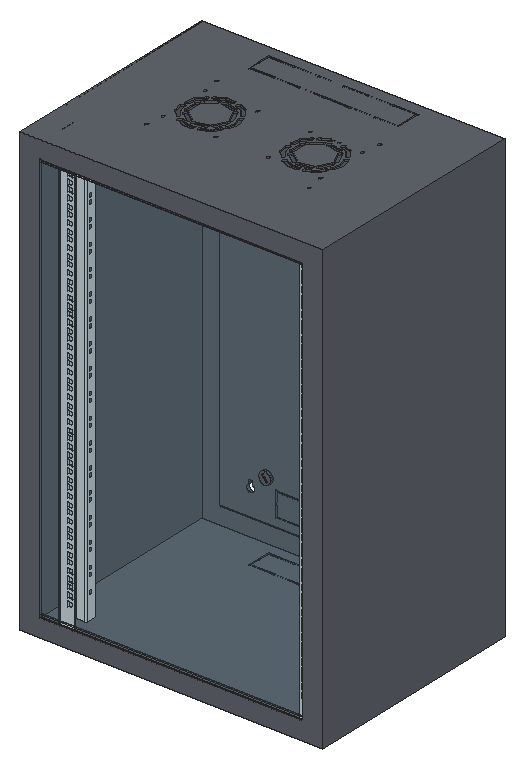
Revit family "Cajas fijas Legrand Linkeo con paneles laterales fijos", category Equipement spécialisé, Revit 2020
Family settings
  Cote de connecteur circulaire = Utiliser le diamètre
  Type d'élément = Normal
  Numéro OmniClass = 23.80.30.11.17
  Titre OmniClass = Distribution Boards and Control Panels
  Basée sur le plan de construction = Non
  Toujours verticalement = Oui
  Couper avec des vides une fois chargée = Non
  Partagée = Oui
  Point de calcul de pièce = Non
Parameters (values of type "Caja fija Legrand Linkeo con paneles laterales fijos 18U W600 D450 646204.rfa")
  Ubicación del rack = 40.00 mm
  Tratamiento de superficie = "Recubrimiento con polvo"
  Tipo de ventilación = "Pasivo"
  Tipo de montaje = "Frontal"
  Tamaño modular = "482.6 mm (19 pulgadas)"
  Sujeción Y = 685.00 mm
  Sujeción X = 400.00 mm
  Número de puertas = "1"
  Número de pieza Legrand = "646204"
  Numero RAL = "7016"
  Módulos de altura = 18
  Máxima capacidad de carga = "54"
  Modelo = "Estructura fija"
  Material = "Acero"
  Profundidad (mm) = 454.00 mm
  Función = "Cajas fijas Linkeo Legrand"
  Formulación BIM = "Caja fija Legrand Linkeo con paneles laterales fijos 18U W600 D450 646204.rfa"
  Fabricant = "Legrand"  # constant formula
  E-catalogo enlace = "https://www.legrand.fr/reference/646204/pro"
  Desmontable = yes
  Con techo en chapa = yes
  Con puerta frontal = yes
  Con paredes laterales = yes
  Con conexión a tierra = yes
  Color = gris
  Clase de protección IP = "IP20"
  Clase de protección IK = "IK08"
  Clase de aplicación = "Cajas"
  Anchura útil (mm) = 526.00 mm
  Anchura (mm) = 605.00 mm
  Altura útil (mm) = 821.00 mm
  Altura (mm) = 892.00 mm
  Espesor (mm) = 1.50 mm
  Elévation par défaut = 0.00 mm
  EAN = "3414970967817"
  Acabado del carril de perfil = "En forma de L"
Reference planes
  plane 1 "Centre (avant/arrière)": y = 0
  plane 2: z = 0
  plane 3 "Centre (gauche/droite)": x = 0
  plane 4: x = 605
  plane 5: z = 892
  plane 6: y = -454
  plane 7: x = 39.5
  plane 8: x = 565.5
  plane 9: x = 302.5
  plane 10: z = 856.5
  plane 11: z = 35.5
  plane 12: z = 446
  plane 13: y = -452
  plane 14: x = 302.5
  plane 15: y = -444.5
  plane 16: y = 455.094
  plane 17: x = 1428.928
  plane 18: z = -485.313
  plane 19: x = 2466.566
  plane 20: z = 446
  plane 21: x = 302.5
  plane 22: z = 103.5
  plane 23: z = 788.5
  plane 24: x = 502.5
  plane 25: x = 102.5
  plane 26: x = 302.5
  plane 27: y = -414
  plane 28: x = 528
  plane 29: y = -412.5
  plane 30: x = 559.5
  plane 31: x = 561
  plane 32: y = -373.5
  plane 33: y = -372
  plane 34: x = 537.5
  plane 35: x = 539
  plane 36: y = -352
  plane 37: z = 46.65
  plane 38: z = 56.15
  plane 39: x = 531.5
  plane 40: x = 541
  plane 41: z = 78.4
  plane 42: z = 87.9
  plane 43: y = -358.486
  plane 44: y = -367.986
  plane 45: z = 72.03
  plane 46: z = 62.53
  plane 47: x = 77
  plane 48: y = -412.5
  plane 49: y = -373.5
  plane 50: y = -372
  plane 51: x = 67.5
  plane 52: x = 66
  plane 53: y = -352
  plane 54: z = 40.5
  plane 55: z = 826.5
  plane 56: z = 446
  plane 57: y = -454
  plane 58: y = -225
Forms (mm)
  Extrusion 1, solid, material "gris" <- "Color"
    sketch origin (0, 0, 0) x (0, 1, 0) y (0, 0, 1)
      loop
        line (-454, 0) -> (0, 0) -> (0, 892) -> (-454, 892) -> (-454, 0)
    from 0 to 605
  Extrusion 2, void
    sketch origin (0, 0, 0) x (1, 0, 0) y (0, 0, 1)
      loop
        line (2, 890) -> (2, 2) -> (603, 2) -> (603, 890) -> (2, 890)
    from 2 to 452
  Extrusion 3, void
    sketch origin (0, 0, 0) x (1, 0, 0) y (0, 0, 1)
      loop
        line (39.5, 856.5) -> (39.5, 35.5) -> (565.5, 35.5) -> (565.5, 856.5) -> (39.5, 856.5)
    from 0 to 454
  Extrusion 4, solid, material "Verre"
    sketch origin (0, 0, 0) x (1, 0, 0) y (0, 0, 1)
      loop
        line (39.5, 40.5) -> (565.5, 40.5) -> (565.5, 851.5) -> (39.5, 851.5) -> (39.5, 40.5)
    from 449 to 454
  Extrusion 5, solid, material "gris" <- "Color"
    sketch origin (0, 0, 0) x (1, 0, 0) y (0, 0, 1)
      loop
        line (39.5, 851.5) -> (39.5, 40.5) -> (565.5, 40.5) -> (565.5, 851.5) -> (39.5, 851.5)
    from 0 to 5
  Extrusion 6, void
    sketch origin (-365.695, -1524, 892) x (0, -1, 0) y (-1, 0, 0)
      loop
        line (-1346.24, -534.853) -> (-1354.081, -549.371)
        arc (-1354.081, -549.371) -> (-1354.476, -550.408) -> (-1354.589, -551.511) r 4.25
        line (-1354.589, -551.511) -> (-1354.121, -568.003)
        arc (-1354.121, -568.003) -> (-1349.753, -572.132) -> (-1345.624, -567.763) r 4.25
        line (-1345.624, -567.763) -> (-1346.061, -552.408) -> (-1338.76, -538.89)
        arc (-1338.76, -538.89) -> (-1340.482, -533.132) -> (-1346.24, -534.853) r 4.25
      loop
        line (-1350.631, -582.413) -> (-1344.17, -597.593)
        arc (-1344.17, -597.593) -> (-1343.605, -598.55) -> (-1342.813, -599.327) r 4.25
        line (-1342.813, -599.327) -> (-1329.627, -609.243)
        arc (-1329.627, -609.243) -> (-1323.675, -608.402) -> (-1324.517, -602.45) r 4.25
        line (-1324.517, -602.45) -> (-1336.794, -593.218) -> (-1342.809, -579.087)
        arc (-1342.809, -579.087) -> (-1348.384, -576.837) -> (-1350.631, -582.413) r 4.25
      loop
        line (-1341.896, -561.222) -> (-1336.745, -583.429)
        arc (-1336.745, -583.429) -> (-1331.646, -586.613) -> (-1328.465, -581.512) r 4.25
        line (-1328.465, -581.512) -> (-1333.616, -559.301)
        arc (-1333.616, -559.301) -> (-1338.716, -556.121) -> (-1341.896, -561.222) r 4.25
      loop
        line (-1327.307, -595.457) -> (-1306.733, -605.276)
        arc (-1306.733, -605.276) -> (-1301.063, -603.272) -> (-1303.074, -597.604) r 4.25
        line (-1303.074, -597.604) -> (-1323.645, -587.786)
        arc (-1323.645, -587.786) -> (-1329.312, -589.791) -> (-1327.307, -595.457) r 4.25
      loop
        line (-1299.11, -611.418) -> (-1313.912, -607.309)
        arc (-1313.912, -607.309) -> (-1319.143, -610.266) -> (-1316.188, -615.498) r 4.25
        line (-1316.188, -615.498) -> (-1300.284, -619.913)
        arc (-1300.284, -619.913) -> (-1299.188, -620.067) -> (-1298.089, -619.933) r 4.25
        line (-1298.089, -619.933) -> (-1282.111, -615.805)
        arc (-1282.111, -615.805) -> (-1279.059, -610.627) -> (-1284.237, -607.575) r 4.25
        line (-1284.237, -607.575) -> (-1299.11, -611.418)
      loop
        line (-1291.444, -605.396) -> (-1270.941, -595.434)
        arc (-1270.941, -595.434) -> (-1268.972, -589.752) -> (-1274.657, -587.789) r 4.25
        line (-1274.657, -587.789) -> (-1295.159, -597.751)
        arc (-1295.159, -597.751) -> (-1297.124, -603.431) -> (-1291.444, -605.396) r 4.25
      loop
        line (-1254.09, -597.811) -> (-1247.356, -582.747)
        arc (-1247.356, -582.747) -> (-1249.504, -577.132) -> (-1255.118, -579.283) r 4.25
        line (-1255.118, -579.283) -> (-1261.385, -593.302) -> (-1273.826, -602.313)
        arc (-1273.826, -602.313) -> (-1274.775, -608.248) -> (-1268.84, -609.197) r 4.25
        line (-1268.84, -609.197) -> (-1255.481, -599.522)
        arc (-1255.481, -599.522) -> (-1254.673, -598.758) -> (-1254.09, -597.811) r 4.25
      loop
        line (-1261.313, -583.55) -> (-1256.318, -561.312)
        arc (-1256.318, -561.312) -> (-1259.533, -556.231) -> (-1264.612, -559.448) r 4.25
        line (-1264.612, -559.448) -> (-1269.607, -581.692)
        arc (-1269.607, -581.692) -> (-1266.389, -586.771) -> (-1261.313, -583.55) r 4.25
      loop
        line (-1252.027, -552.513) -> (-1252.74, -567.863)
        arc (-1252.74, -567.863) -> (-1248.689, -572.301) -> (-1244.249, -568.252) r 4.25
        line (-1244.249, -568.252) -> (-1243.484, -551.774)
        arc (-1243.484, -551.774) -> (-1243.577, -550.666) -> (-1243.954, -549.621) r 4.25
        line (-1243.954, -549.621) -> (-1251.533, -534.964)
        arc (-1251.533, -534.964) -> (-1257.262, -533.142) -> (-1259.081, -538.873) r 4.25
        line (-1259.081, -538.873) -> (-1252.027, -552.513)
      loop
        line (-1259.602, -546.382) -> (-1273.877, -528.609)
        arc (-1273.877, -528.609) -> (-1279.854, -527.949) -> (-1280.509, -533.927) r 4.25
        line (-1280.509, -533.927) -> (-1266.233, -551.699)
        arc (-1266.233, -551.699) -> (-1260.258, -552.357) -> (-1259.602, -546.382) r 4.25
      loop
        line (-1260.928, -523.497) -> (-1273.333, -512.626)
        arc (-1273.333, -512.626) -> (-1274.254, -512.009) -> (-1275.303, -511.652) r 4.25
        line (-1275.303, -511.652) -> (-1291.501, -508.436)
        arc (-1291.501, -508.436) -> (-1296.493, -511.785) -> (-1293.143, -516.776) r 4.25
        line (-1293.143, -516.776) -> (-1278.083, -519.766) -> (-1266.53, -529.89)
        arc (-1266.53, -529.89) -> (-1260.533, -529.494) -> (-1260.928, -523.497) r 4.25
      loop
        line (-1306.324, -508.634) -> (-1322.558, -511.555)
        arc (-1322.558, -511.555) -> (-1323.615, -511.892) -> (-1324.548, -512.492) r 4.25
        line (-1324.548, -512.492) -> (-1337.151, -523.142)
        arc (-1337.151, -523.142) -> (-1337.654, -529.131) -> (-1331.665, -529.634) r 4.25
        line (-1331.665, -529.634) -> (-1319.932, -519.719) -> (-1304.811, -516.998)
        arc (-1304.811, -516.998) -> (-1301.384, -512.059) -> (-1306.324, -508.634) r 4.25
      loop
        line (-1287.602, -521.865) -> (-1310.399, -521.944)
        arc (-1310.399, -521.944) -> (-1314.637, -526.21) -> (-1310.367, -530.444) r 4.25
        line (-1310.367, -530.444) -> (-1287.573, -530.365)
        arc (-1287.573, -530.365) -> (-1283.338, -526.1) -> (-1287.602, -521.865) r 4.25
      loop
        line (-1324.228, -528.473) -> (-1338.379, -546.345)
        arc (-1338.379, -546.345) -> (-1337.685, -552.316) -> (-1331.715, -551.622) r 4.25
        line (-1331.715, -551.622) -> (-1317.562, -533.747)
        arc (-1317.562, -533.747) -> (-1318.257, -527.775) -> (-1324.228, -528.473) r 4.25
      loop
        line (-1243.954, -759.621) -> (-1251.533, -744.964)
        arc (-1251.533, -744.964) -> (-1257.262, -743.142) -> (-1259.081, -748.873) r 4.25
        line (-1259.081, -748.873) -> (-1252.027, -762.513) -> (-1252.74, -777.862)
        arc (-1252.74, -777.862) -> (-1248.689, -782.301) -> (-1244.249, -778.252) r 4.25
        line (-1244.249, -778.252) -> (-1243.484, -761.774)
        arc (-1243.484, -761.774) -> (-1243.577, -760.666) -> (-1243.954, -759.621) r 4.25
      loop
        line (-1254.09, -807.811) -> (-1247.356, -792.747)
        arc (-1247.356, -792.747) -> (-1249.504, -787.132) -> (-1255.118, -789.283) r 4.25
        line (-1255.118, -789.283) -> (-1261.385, -803.302) -> (-1273.826, -812.313)
        arc (-1273.826, -812.313) -> (-1274.775, -818.248) -> (-1268.84, -819.197) r 4.25
        line (-1268.84, -819.197) -> (-1255.477, -809.519)
        arc (-1255.477, -809.519) -> (-1254.671, -808.756) -> (-1254.09, -807.811) r 4.25
      loop
        line (-1284.233, -817.574) -> (-1299.11, -821.418) -> (-1313.912, -817.309)
        arc (-1313.912, -817.309) -> (-1319.143, -820.264) -> (-1316.191, -825.498) r 4.25
        line (-1316.191, -825.498) -> (-1300.294, -829.911)
        arc (-1300.294, -829.911) -> (-1299.194, -830.067) -> (-1298.092, -829.934) r 4.25
        line (-1298.092, -829.934) -> (-1282.107, -825.804)
        arc (-1282.107, -825.804) -> (-1279.059, -820.627) -> (-1284.233, -817.574) r 4.25
      loop
        line (-1324.517, -812.45) -> (-1336.794, -803.218) -> (-1342.809, -789.087)
        arc (-1342.809, -789.087) -> (-1348.384, -786.837) -> (-1350.631, -792.413) r 4.25
        line (-1350.631, -792.413) -> (-1344.169, -807.595)
        arc (-1344.169, -807.595) -> (-1343.605, -808.55) -> (-1342.813, -809.327) r 4.25
        line (-1342.813, -809.327) -> (-1329.625, -819.244)
        arc (-1329.625, -819.244) -> (-1323.674, -818.401) -> (-1324.517, -812.45) r 4.25
      loop
        line (-1349.126, -777.863) -> (-1349.39, -768.573) -> (-1338.761, -748.892)
        arc (-1338.761, -748.892) -> (-1340.48, -743.134) -> (-1346.238, -744.85) r 4.25
        line (-1346.238, -744.85) -> (-1354.082, -759.373)
        arc (-1354.082, -759.373) -> (-1354.476, -760.409) -> (-1354.589, -761.511) r 4.25
        line (-1354.589, -761.511) -> (-1354.121, -778.002)
        arc (-1354.121, -778.002) -> (-1351.554, -780.431) -> (-1349.126, -777.863) r 2.498
      loop
        line (-1331.662, -739.632) -> (-1319.932, -729.719) -> (-1304.813, -726.999)
        arc (-1304.813, -726.999) -> (-1301.383, -722.064) -> (-1306.316, -718.632) r 4.25
        line (-1306.316, -718.632) -> (-1322.555, -721.554)
        arc (-1322.555, -721.554) -> (-1323.613, -721.891) -> (-1324.548, -722.492) r 4.25
        line (-1324.548, -722.492) -> (-1337.149, -733.14)
        arc (-1337.149, -733.14) -> (-1337.654, -739.131) -> (-1331.662, -739.632) r 4.25
      loop
        line (-1293.15, -726.774) -> (-1278.083, -729.766) -> (-1266.527, -739.892)
        arc (-1266.527, -739.892) -> (-1260.532, -739.493) -> (-1260.928, -733.497) r 4.25
        line (-1260.928, -733.497) -> (-1273.335, -722.625)
        arc (-1273.335, -722.625) -> (-1274.257, -722.008) -> (-1275.308, -721.651) r 4.25
        line (-1275.308, -721.651) -> (-1291.495, -718.437)
        arc (-1291.495, -718.437) -> (-1296.491, -721.778) -> (-1293.15, -726.774) r 4.25
      loop
        line (-1280.509, -743.927) -> (-1266.233, -761.7)
        arc (-1266.233, -761.7) -> (-1260.259, -762.357) -> (-1259.602, -756.382) r 4.25
        line (-1259.602, -756.382) -> (-1273.879, -738.607)
        arc (-1273.879, -738.607) -> (-1279.855, -737.95) -> (-1280.509, -743.927) r 4.25
      loop
        line (-1264.612, -769.449) -> (-1269.607, -791.692)
        arc (-1269.607, -791.692) -> (-1266.389, -796.771) -> (-1261.313, -793.55) r 4.25
        line (-1261.313, -793.55) -> (-1256.318, -771.312)
        arc (-1256.318, -771.312) -> (-1259.533, -766.231) -> (-1264.612, -769.449) r 4.25
      loop
        line (-1274.657, -797.789) -> (-1295.165, -807.754)
        arc (-1295.165, -807.754) -> (-1297.123, -813.434) -> (-1291.444, -815.396) r 4.25
        line (-1291.444, -815.396) -> (-1270.937, -805.432)
        arc (-1270.937, -805.432) -> (-1268.973, -799.749) -> (-1274.657, -797.789) r 4.25
      loop
        line (-1287.602, -731.865) -> (-1310.398, -731.944)
        arc (-1310.398, -731.944) -> (-1314.637, -736.209) -> (-1310.368, -740.444) r 4.25
        line (-1310.368, -740.444) -> (-1287.573, -740.365)
        arc (-1287.573, -740.365) -> (-1283.338, -736.1) -> (-1287.602, -731.865) r 4.25
      loop
        line (-1324.229, -738.474) -> (-1338.379, -756.345)
        arc (-1338.379, -756.345) -> (-1337.685, -762.316) -> (-1331.715, -761.622) r 4.25
        line (-1331.715, -761.622) -> (-1317.562, -743.746)
        arc (-1317.562, -743.746) -> (-1318.257, -737.775) -> (-1324.229, -738.474) r 4.25
      loop
        line (-1341.896, -771.222) -> (-1336.746, -793.428)
        arc (-1336.746, -793.428) -> (-1331.647, -796.613) -> (-1328.465, -791.512) r 4.25
        line (-1328.465, -791.512) -> (-1333.616, -769.301)
        arc (-1333.616, -769.301) -> (-1338.716, -766.121) -> (-1341.896, -771.222) r 4.25
      loop
        line (-1327.307, -805.457) -> (-1306.732, -815.277)
        arc (-1306.732, -815.277) -> (-1301.064, -813.274) -> (-1303.069, -807.607) r 4.25
        line (-1303.069, -807.607) -> (-1323.639, -797.789)
        arc (-1323.639, -797.789) -> (-1329.31, -799.788) -> (-1327.307, -805.457) r 4.25
      loop
        circle (-1387.055, -505.695) r 2.75
      loop
        circle (-1351.557, -510.693) r 2.75
      loop
        circle (-1246.556, -510.693) r 2.75
      loop
        circle (-1211.055, -505.695) r 2.75
      loop
        circle (-1246.555, -615.695) r 2.75
      loop
        circle (-1351.555, -615.695) r 2.75
      loop
        circle (-1351.557, -720.693) r 2.75
      loop
        circle (-1246.555, -720.695) r 2.75
      loop
        circle (-1246.555, -825.695) r 2.75
      loop
        circle (-1211.055, -830.695) r 2.75
      loop
        circle (-1351.555, -825.695) r 2.75
      loop
        circle (-1387.055, -830.695) r 2.75
    from 0 to 2
  Extrusion 7, void
    sketch origin (0, 0, 892) x (1, 0, 0) y (0, -1, 0)
      loop
        line (152.5, 24) -> (201.75, 24) -> (201.75, 27) -> (155.5, 27) -> (155.5, 48.25) -> (152.5, 48.25) -> (152.5, 24)
      loop
        line (452.5, 49.75) -> (452.5, 74) -> (403.25, 74) -> (403.25, 71) -> (449.5, 71) -> (449.5, 49.75) -> (452.5, 49.75)
      loop
        line (403.25, 24) -> (452.5, 24) -> (452.5, 48.25) -> (449.5, 48.25) -> (449.5, 27) -> (403.25, 27) -> (403.25, 24)
      loop
        line (203.25, 71) -> (251.75, 71) -> (251.75, 74) -> (203.25, 74) -> (203.25, 71)
      loop
        line (152.5, 49.75) -> (155.5, 49.75) -> (155.5, 71) -> (201.75, 71) -> (201.75, 74) -> (152.5, 74) -> (152.5, 49.75)
      loop
        line (253.25, 74) -> (253.25, 71) -> (301.75, 71) -> (301.75, 74) -> (253.25, 74)
      loop
        line (351.75, 71) -> (351.75, 74) -> (303.25, 74) -> (303.25, 71) -> (351.75, 71)
      loop
        line (353.25, 74) -> (353.25, 71) -> (401.75, 71) -> (401.75, 74) -> (353.25, 74)
      loop
        line (351.75, 27) -> (303.25, 27) -> (303.25, 24) -> (351.75, 24) -> (351.75, 27)
      loop
        line (353.25, 27) -> (353.25, 24) -> (401.75, 24) -> (401.75, 27) -> (353.25, 27)
      loop
        line (251.75, 27) -> (203.25, 27) -> (203.25, 24) -> (251.75, 24) -> (251.75, 27)
      loop
        line (253.25, 27) -> (253.25, 24) -> (301.75, 24) -> (301.75, 27) -> (253.25, 27)
    from 0 to 2
  Extrusion 8, void
    sketch origin (0, -150, 0) x (1, 0, 0) y (0, 1, 0)
      loop
        line (152.5, 126) -> (152.5, 101.75) -> (155.5, 101.75) -> (155.5, 123) -> (201.75, 123) -> (201.75, 126) -> (152.5, 126)
      loop
        line (452.5, 100.25) -> (449.5, 100.25) -> (449.5, 79) -> (403.25, 79) -> (403.25, 76) -> (452.5, 76) -> (452.5, 100.25)
      loop
        line (403.25, 126) -> (403.25, 123) -> (449.5, 123) -> (449.5, 101.75) -> (452.5, 101.75) -> (452.5, 126) -> (403.25, 126)
      loop
        line (203.25, 79) -> (203.25, 76) -> (251.75, 76) -> (251.75, 79) -> (203.25, 79)
      loop
        line (152.5, 100.25) -> (152.5, 76) -> (201.75, 76) -> (201.75, 79) -> (155.5, 79) -> (155.5, 100.25) -> (152.5, 100.25)
      loop
        line (253.25, 76) -> (301.75, 76) -> (301.75, 79) -> (253.25, 79) -> (253.25, 76)
      loop
        line (351.75, 79) -> (303.25, 79) -> (303.25, 76) -> (351.75, 76) -> (351.75, 79)
      loop
        line (353.25, 76) -> (401.75, 76) -> (401.75, 79) -> (353.25, 79) -> (353.25, 76)
      loop
        line (351.75, 123) -> (351.75, 126) -> (303.25, 126) -> (303.25, 123) -> (351.75, 123)
      loop
        line (353.25, 123) -> (401.75, 123) -> (401.75, 126) -> (353.25, 126) -> (353.25, 123)
      loop
        line (251.75, 123) -> (251.75, 126) -> (203.25, 126) -> (203.25, 123) -> (251.75, 123)
      loop
        line (253.25, 123) -> (301.75, 123) -> (301.75, 126) -> (253.25, 126) -> (253.25, 123)
    from 0 to 2
  Extrusion 9, void
    sketch origin (0, 0, 0) x (1, 0, 0) y (0, 0, 1)
      loop
        line (106.751, 783.431) -> (106.751, 788.5)
        arc (106.751, 788.5) -> (102.5, 792.751) -> (98.249, 788.5) r 4.251
        line (98.249, 788.5) -> (98.249, 783.431)
        arc (98.249, 783.431) -> (102.5, 769.752) -> (106.751, 783.431) r 7.5
      loop
        line (506.751, 783.431) -> (506.751, 788.5)
        arc (506.751, 788.5) -> (502.5, 792.751) -> (498.249, 788.5) r 4.251
        line (498.249, 788.5) -> (498.249, 783.431)
        arc (498.249, 783.431) -> (502.5, 769.752) -> (506.751, 783.431) r 7.5
    from -12.009 to 5
  Extrusion 10, solid
    sketch origin (603, 0, 2) x (-1, 0, 0) y (0, -1, 0)
      loop
        line (75, 412.5) -> (75, 414) -> (45, 414)
        arc (45, 414) -> (42.879, 413.121) -> (42, 411) r 3
        line (42, 411) -> (42, 375)
        arc (42, 375) -> (42.879, 372.879) -> (45, 372) r 3
        line (45, 372) -> (62.5, 372)
        arc (62.5, 372) -> (63.561, 371.561) -> (64, 370.5) r 1.5
        line (64, 370.5) -> (64, 352) -> (65.5, 352) -> (65.5, 370.5)
        arc (65.5, 370.5) -> (64.621, 372.621) -> (62.5, 373.5) r 3
        line (62.5, 373.5) -> (45, 373.5)
        arc (45, 373.5) -> (43.939, 373.939) -> (43.5, 375) r 1.5
        line (43.5, 375) -> (43.5, 411)
        arc (43.5, 411) -> (43.939, 412.061) -> (45, 412.5) r 1.5
        line (45, 412.5) -> (75, 412.5)
    from 0 to 888
  Extrusion 11, void
    sketch origin (528, -414, 2) x (-1, 0, 0) y (0, 0, 1)
      loop
        line (-3.5, 44.65) -> (-3.5, 54.15) -> (-13, 54.15) -> (-13, 44.65) -> (-3.5, 44.65)
      loop
        line (-3.5, 76.4) -> (-3.5, 85.9) -> (-13, 85.9) -> (-13, 76.4) -> (-3.5, 76.4)
    from 0 to 1.5
  Extrusion 12, void
    sketch origin (528, -414, 2) x (-1, 0, 0) y (0, 0, 1)
      loop
        line (-3.5, 60.53) -> (-3.5, 70.03) -> (-13, 70.03) -> (-13, 60.53) -> (-3.5, 60.53)
    from 0 to 1.5
  Extrusion 13, solid
    sketch origin (13.243, 0, 2) x (1, 0, 0) y (0, 1, 0)
      loop
        line (63.757, -412.5) -> (33.757, -412.5)
        arc (33.757, -412.5) -> (32.697, -412.061) -> (32.257, -411) r 1.5
        line (32.257, -411) -> (32.257, -375)
        arc (32.257, -375) -> (32.697, -373.939) -> (33.757, -373.5) r 1.5
        line (33.757, -373.5) -> (51.257, -373.5)
        arc (51.257, -373.5) -> (53.379, -372.621) -> (54.257, -370.5) r 3
        line (54.257, -370.5) -> (54.257, -352) -> (52.757, -352) -> (52.757, -370.5)
        arc (52.757, -370.5) -> (52.318, -371.561) -> (51.257, -372) r 1.5
        line (51.257, -372) -> (33.757, -372)
        arc (33.757, -372) -> (31.636, -372.879) -> (30.757, -375) r 3
        line (30.757, -375) -> (30.757, -411)
        arc (30.757, -411) -> (31.636, -413.121) -> (33.757, -414) r 3
        line (33.757, -414) -> (63.757, -414) -> (63.757, -412.5)
    from 0 to 888
  Extrusion 14, void, not visible
    sketch origin (0, 0, 94.83) x (0, 0, -1) y (1, 0, 0)
      loop
        line (-56.37, 452.5) -> (-80.62, 452.5) -> (-80.62, 449.5) -> (-59.37, 449.5) -> (-59.37, 403.25) -> (-56.37, 403.25) -> (-56.37, 452.5)
      loop
        line (-106.37, 403.25) -> (-103.37, 403.25) -> (-103.37, 449.5) -> (-82.12, 449.5) -> (-82.12, 452.5) -> (-106.37, 452.5) -> (-106.37, 403.25)
      loop
        line (-106.37, 401.75) -> (-106.37, 353.25) -> (-103.37, 353.25) -> (-103.37, 401.75) -> (-106.37, 401.75)
      loop
        line (-106.37, 351.75) -> (-106.37, 303.25) -> (-103.37, 303.25) -> (-103.37, 351.75) -> (-106.37, 351.75)
      loop
        line (-106.37, 301.75) -> (-106.37, 253.25) -> (-103.37, 253.25) -> (-103.37, 301.75) -> (-106.37, 301.75)
      loop
        line (-106.37, 251.75) -> (-106.37, 203.25) -> (-103.37, 203.25) -> (-103.37, 251.75) -> (-106.37, 251.75)
      loop
        line (-106.37, 201.75) -> (-106.37, 152.5) -> (-82.12, 152.5) -> (-82.12, 155.5) -> (-103.37, 155.5) -> (-103.37, 201.75) -> (-106.37, 201.75)
      loop
        line (-80.62, 152.5) -> (-56.37, 152.5) -> (-56.37, 201.75) -> (-59.37, 201.75) -> (-59.37, 155.5) -> (-80.62, 155.5) -> (-80.62, 152.5)
      loop
        line (-56.37, 203.25) -> (-56.37, 251.75) -> (-59.37, 251.75) -> (-59.37, 203.25) -> (-56.37, 203.25)
      loop
        line (-56.37, 253.25) -> (-56.37, 301.75) -> (-59.37, 301.75) -> (-59.37, 253.25) -> (-56.37, 253.25)
      loop
        line (-56.37, 351.75) -> (-59.37, 351.75) -> (-59.37, 303.25) -> (-56.37, 303.25) -> (-56.37, 351.75)
      loop
        line (-56.37, 353.25) -> (-56.37, 401.75) -> (-59.37, 401.75) -> (-59.37, 353.25) -> (-56.37, 353.25)
    from 0 to 5
  Extrusion 15, void
    sketch origin (0, 0, -152) x (1, 0, 0) y (0, 0, 1)
      loop
        line (106.751, 250.431) -> (106.751, 255.5)
        arc (106.751, 255.5) -> (102.5, 259.751) -> (98.249, 255.5) r 4.251
        line (98.249, 255.5) -> (98.249, 250.431)
        arc (98.249, 250.431) -> (102.5, 235.835) -> (106.751, 250.431) r 7.917
      loop
        line (506.751, 250.431) -> (506.751, 255.5)
        arc (506.751, 255.5) -> (502.5, 259.751) -> (498.249, 255.5) r 4.251
        line (498.249, 255.5) -> (498.249, 250.431)
        arc (498.249, 250.431) -> (502.5, 235.835) -> (506.751, 250.431) r 7.917
    from -12.009 to 5
  Extrusion 16, void
    sketch origin (60.5, -414, 2) x (-1, 0, 0) y (0, 0, 1)
      loop
        line (-3.5, 44.65) -> (-3.5, 54.15) -> (-13, 54.15) -> (-13, 44.65) -> (-3.5, 44.65)
      loop
        line (-3.5, 76.4) -> (-3.5, 85.9) -> (-13, 85.9) -> (-13, 76.4) -> (-3.5, 76.4)
    from 0 to 1.5
  Extrusion 17, void
    sketch origin (60.5, -414, 2) x (-1, 0, 0) y (0, 0, 1)
      loop
        line (-3.5, 60.53) -> (-3.5, 70.03) -> (-13, 70.03) -> (-13, 60.53) -> (-3.5, 60.53)
    from 0 to 1.5
  Extrusion 18, void, not visible
    sketch origin (528, -414, 2) x (-1, 0, 0) y (0, 0, 1)
      loop
        line (-3.5, 44.65) -> (-3.5, 54.15) -> (-13, 54.15) -> (-13, 44.65) -> (-3.5, 44.65)
      loop
        line (-3.5, 76.4) -> (-3.5, 85.9) -> (-13, 85.9) -> (-13, 76.4) -> (-3.5, 76.4)
    from 0 to 1.5
  Extrusion 19, void, not visible
    sketch origin (528, -414, 2) x (-1, 0, 0) y (0, 0, 1)
      loop
        line (-3.5, 60.53) -> (-3.5, 70.03) -> (-13, 70.03) -> (-13, 60.53) -> (-3.5, 60.53)
    from 0 to 1.5
  Extrusion 20, void
    sketch origin (528, -414, 46.45) x (-1, 0, 0) y (0, 0, 1)
      loop
        line (-3.5, 44.65) -> (-3.5, 54.15) -> (-13, 54.15) -> (-13, 44.65) -> (-3.5, 44.65)
      loop
        line (-3.5, 76.4) -> (-3.5, 85.9) -> (-13, 85.9) -> (-13, 76.4) -> (-3.5, 76.4)
    from 0 to 1.5
  Extrusion 21, void
    sketch origin (528, -414, 46.45) x (-1, 0, 0) y (0, 0, 1)
      loop
        line (-3.5, 60.53) -> (-3.5, 70.03) -> (-13, 70.03) -> (-13, 60.53) -> (-3.5, 60.53)
    from 0 to 1.5
  Extrusion 22, void
    sketch origin (60.5, -414, 46.45) x (-1, 0, 0) y (0, 0, 1)
      loop
        line (-3.5, 44.65) -> (-3.5, 54.15) -> (-13, 54.15) -> (-13, 44.65) -> (-3.5, 44.65)
      loop
        line (-3.5, 76.4) -> (-3.5, 85.9) -> (-13, 85.9) -> (-13, 76.4) -> (-3.5, 76.4)
    from 0 to 1.5
  Extrusion 23, void
    sketch origin (60.5, -414, 46.45) x (-1, 0, 0) y (0, 0, 1)
      loop
        line (-3.5, 60.53) -> (-3.5, 70.03) -> (-13, 70.03) -> (-13, 60.53) -> (-3.5, 60.53)
    from 0 to 1.5
  Extrusion 24, void
    sketch origin (528, -414, 90.9) x (-1, 0, 0) y (0, 0, 1)
      loop
        line (-3.5, 44.65) -> (-3.5, 54.15) -> (-13, 54.15) -> (-13, 44.65) -> (-3.5, 44.65)
      loop
        line (-3.5, 76.4) -> (-3.5, 85.9) -> (-13, 85.9) -> (-13, 76.4) -> (-3.5, 76.4)
    from 0 to 1.5
  Extrusion 25, void
    sketch origin (528, -414, 90.9) x (-1, 0, 0) y (0, 0, 1)
      loop
        line (-3.5, 60.53) -> (-3.5, 70.03) -> (-13, 70.03) -> (-13, 60.53) -> (-3.5, 60.53)
    from 0 to 1.5
  Extrusion 26, void
    sketch origin (60.5, -414, 90.9) x (-1, 0, 0) y (0, 0, 1)
      loop
        line (-3.5, 44.65) -> (-3.5, 54.15) -> (-13, 54.15) -> (-13, 44.65) -> (-3.5, 44.65)
      loop
        line (-3.5, 76.4) -> (-3.5, 85.9) -> (-13, 85.9) -> (-13, 76.4) -> (-3.5, 76.4)
    from 0 to 1.5
  Extrusion 27, void
    sketch origin (60.5, -414, 90.9) x (-1, 0, 0) y (0, 0, 1)
      loop
        line (-3.5, 60.53) -> (-3.5, 70.03) -> (-13, 70.03) -> (-13, 60.53) -> (-3.5, 60.53)
    from 0 to 1.5
  Extrusion 28, void
    sketch origin (528, -414, 135.35) x (-1, 0, 0) y (0, 0, 1)
      loop
        line (-3.5, 44.65) -> (-3.5, 54.15) -> (-13, 54.15) -> (-13, 44.65) -> (-3.5, 44.65)
      loop
        line (-3.5, 76.4) -> (-3.5, 85.9) -> (-13, 85.9) -> (-13, 76.4) -> (-3.5, 76.4)
    from 0 to 1.5
  Extrusion 29, void
    sketch origin (528, -414, 135.35) x (-1, 0, 0) y (0, 0, 1)
      loop
        line (-3.5, 60.53) -> (-3.5, 70.03) -> (-13, 70.03) -> (-13, 60.53) -> (-3.5, 60.53)
    from 0 to 1.5
  Extrusion 30, void
    sketch origin (60.5, -414, 135.35) x (-1, 0, 0) y (0, 0, 1)
      loop
        line (-3.5, 44.65) -> (-3.5, 54.15) -> (-13, 54.15) -> (-13, 44.65) -> (-3.5, 44.65)
      loop
        line (-3.5, 76.4) -> (-3.5, 85.9) -> (-13, 85.9) -> (-13, 76.4) -> (-3.5, 76.4)
    from 0 to 1.5
  Extrusion 31, void
    sketch origin (60.5, -414, 135.35) x (-1, 0, 0) y (0, 0, 1)
      loop
        line (-3.5, 60.53) -> (-3.5, 70.03) -> (-13, 70.03) -> (-13, 60.53) -> (-3.5, 60.53)
    from 0 to 1.5
  Extrusion 32, void
    sketch origin (528, -414, 179.8) x (-1, 0, 0) y (0, 0, 1)
      loop
        line (-3.5, 44.65) -> (-3.5, 54.15) -> (-13, 54.15) -> (-13, 44.65) -> (-3.5, 44.65)
      loop
        line (-3.5, 76.4) -> (-3.5, 85.9) -> (-13, 85.9) -> (-13, 76.4) -> (-3.5, 76.4)
    from 0 to 1.5
  Extrusion 33, void
    sketch origin (528, -414, 179.8) x (-1, 0, 0) y (0, 0, 1)
      loop
        line (-3.5, 60.53) -> (-3.5, 70.03) -> (-13, 70.03) -> (-13, 60.53) -> (-3.5, 60.53)
    from 0 to 1.5
  Extrusion 34, void
    sketch origin (60.5, -414, 179.8) x (-1, 0, 0) y (0, 0, 1)
      loop
        line (-3.5, 44.65) -> (-3.5, 54.15) -> (-13, 54.15) -> (-13, 44.65) -> (-3.5, 44.65)
      loop
        line (-3.5, 76.4) -> (-3.5, 85.9) -> (-13, 85.9) -> (-13, 76.4) -> (-3.5, 76.4)
    from 0 to 1.5
  Extrusion 35, void
    sketch origin (60.5, -414, 179.8) x (-1, 0, 0) y (0, 0, 1)
      loop
        line (-3.5, 60.53) -> (-3.5, 70.03) -> (-13, 70.03) -> (-13, 60.53) -> (-3.5, 60.53)
    from 0 to 1.5
  Extrusion 36, void
    sketch origin (528, -414, 224.25) x (-1, 0, 0) y (0, 0, 1)
      loop
        line (-3.5, 44.65) -> (-3.5, 54.15) -> (-13, 54.15) -> (-13, 44.65) -> (-3.5, 44.65)
      loop
        line (-3.5, 76.4) -> (-3.5, 85.9) -> (-13, 85.9) -> (-13, 76.4) -> (-3.5, 76.4)
    from 0 to 1.5
  Extrusion 37, void
    sketch origin (528, -414, 224.25) x (-1, 0, 0) y (0, 0, 1)
      loop
        line (-3.5, 60.53) -> (-3.5, 70.03) -> (-13, 70.03) -> (-13, 60.53) -> (-3.5, 60.53)
    from 0 to 1.5
  Extrusion 38, void
    sketch origin (60.5, -414, 224.25) x (-1, 0, 0) y (0, 0, 1)
      loop
        line (-3.5, 44.65) -> (-3.5, 54.15) -> (-13, 54.15) -> (-13, 44.65) -> (-3.5, 44.65)
      loop
        line (-3.5, 76.4) -> (-3.5, 85.9) -> (-13, 85.9) -> (-13, 76.4) -> (-3.5, 76.4)
    from 0 to 1.5
  Extrusion 39, void
    sketch origin (60.5, -414, 224.25) x (-1, 0, 0) y (0, 0, 1)
      loop
        line (-3.5, 60.53) -> (-3.5, 70.03) -> (-13, 70.03) -> (-13, 60.53) -> (-3.5, 60.53)
    from 0 to 1.5
  Extrusion 40, void
    sketch origin (0, 0, 0) x (0, 1, 0) y (0, 0, 1)
      loop
        line (-367.986, 87.9) -> (-367.986, 78.4) -> (-358.486, 78.4) -> (-358.486, 87.9) -> (-367.986, 87.9)
    from 539 to 66
  Extrusion 41, void
    sketch origin (0, 0, -31.75) x (0, 1, 0) y (0, 0, 1)
      loop
        line (-367.986, 87.9) -> (-367.986, 78.4) -> (-358.486, 78.4) -> (-358.486, 87.9) -> (-367.986, 87.9)
    from 539 to 66
  Extrusion 42, void
    sketch origin (0, 0, 44.45) x (0, 1, 0) y (0, 0, 1)
      loop
        line (-367.986, 87.9) -> (-367.986, 78.4) -> (-358.486, 78.4) -> (-358.486, 87.9) -> (-367.986, 87.9)
    from 539 to 66
  Extrusion 43, void
    sketch origin (0, 0, 12.7) x (0, 1, 0) y (0, 0, 1)
      loop
        line (-367.986, 87.9) -> (-367.986, 78.4) -> (-358.486, 78.4) -> (-358.486, 87.9) -> (-367.986, 87.9)
    from 539 to 66
  Extrusion 44, void
    sketch origin (0, 0, 88.9) x (0, 1, 0) y (0, 0, 1)
      loop
        line (-367.986, 87.9) -> (-367.986, 78.4) -> (-358.486, 78.4) -> (-358.486, 87.9) -> (-367.986, 87.9)
    from 539 to 66
  Extrusion 45, void
    sketch origin (0, 0, 57.15) x (0, 1, 0) y (0, 0, 1)
      loop
        line (-367.986, 87.9) -> (-367.986, 78.4) -> (-358.486, 78.4) -> (-358.486, 87.9) -> (-367.986, 87.9)
    from 539 to 66
  Extrusion 46, void
    sketch origin (0, 0, 133.35) x (0, 1, 0) y (0, 0, 1)
      loop
        line (-367.986, 87.9) -> (-367.986, 78.4) -> (-358.486, 78.4) -> (-358.486, 87.9) -> (-367.986, 87.9)
    from 539 to 66
  Extrusion 47, void
    sketch origin (0, 0, 101.6) x (0, 1, 0) y (0, 0, 1)
      loop
        line (-367.986, 87.9) -> (-367.986, 78.4) -> (-358.486, 78.4) -> (-358.486, 87.9) -> (-367.986, 87.9)
    from 539 to 66
  Extrusion 48, void
    sketch origin (0, 0, 177.8) x (0, 1, 0) y (0, 0, 1)
      loop
        line (-367.986, 87.9) -> (-367.986, 78.4) -> (-358.486, 78.4) -> (-358.486, 87.9) -> (-367.986, 87.9)
    from 539 to 66
  Extrusion 49, void
    sketch origin (0, 0, 146.05) x (0, 1, 0) y (0, 0, 1)
      loop
        line (-367.986, 87.9) -> (-367.986, 78.4) -> (-358.486, 78.4) -> (-358.486, 87.9) -> (-367.986, 87.9)
    from 539 to 66
  Extrusion 50, void
    sketch origin (0, 0, 222.25) x (0, 1, 0) y (0, 0, 1)
      loop
        line (-367.986, 87.9) -> (-367.986, 78.4) -> (-358.486, 78.4) -> (-358.486, 87.9) -> (-367.986, 87.9)
    from 539 to 66
  Extrusion 51, void
    sketch origin (0, 0, 190.5) x (0, 1, 0) y (0, 0, 1)
      loop
        line (-367.986, 87.9) -> (-367.986, 78.4) -> (-358.486, 78.4) -> (-358.486, 87.9) -> (-367.986, 87.9)
    from 539 to 66
  Extrusion 52, void
    sketch origin (0, 0, 0) x (0, 0, -1) y (1, 0, 0)
      loop
        line (-56.37, 452.5) -> (-80.62, 452.5) -> (-80.62, 449.5) -> (-59.37, 449.5) -> (-59.37, 403.25) -> (-56.37, 403.25) -> (-56.37, 452.5)
      loop
        line (-106.37, 403.25) -> (-103.37, 403.25) -> (-103.37, 449.5) -> (-82.12, 449.5) -> (-82.12, 452.5) -> (-106.37, 452.5) -> (-106.37, 403.25)
      loop
        line (-106.37, 401.75) -> (-106.37, 353.25) -> (-103.37, 353.25) -> (-103.37, 401.75) -> (-106.37, 401.75)
      loop
        line (-106.37, 351.75) -> (-106.37, 303.25) -> (-103.37, 303.25) -> (-103.37, 351.75) -> (-106.37, 351.75)
      loop
        line (-106.37, 301.75) -> (-106.37, 253.25) -> (-103.37, 253.25) -> (-103.37, 301.75) -> (-106.37, 301.75)
      loop
        line (-106.37, 251.75) -> (-106.37, 203.25) -> (-103.37, 203.25) -> (-103.37, 251.75) -> (-106.37, 251.75)
      loop
        line (-106.37, 201.75) -> (-106.37, 152.5) -> (-82.12, 152.5) -> (-82.12, 155.5) -> (-103.37, 155.5) -> (-103.37, 201.75) -> (-106.37, 201.75)
      loop
        line (-80.62, 152.5) -> (-56.37, 152.5) -> (-56.37, 201.75) -> (-59.37, 201.75) -> (-59.37, 155.5) -> (-80.62, 155.5) -> (-80.62, 152.5)
      loop
        line (-56.37, 203.25) -> (-56.37, 251.75) -> (-59.37, 251.75) -> (-59.37, 203.25) -> (-56.37, 203.25)
      loop
        line (-56.37, 253.25) -> (-56.37, 301.75) -> (-59.37, 301.75) -> (-59.37, 253.25) -> (-56.37, 253.25)
      loop
        line (-56.37, 351.75) -> (-59.37, 351.75) -> (-59.37, 303.25) -> (-56.37, 303.25) -> (-56.37, 351.75)
      loop
        line (-56.37, 353.25) -> (-56.37, 401.75) -> (-59.37, 401.75) -> (-59.37, 353.25) -> (-56.37, 353.25)
    from 0 to 5
  Extrusion 53, solid, material "gris" <- "Color"
    sketch origin (-146.246, -454, -25.529) x (1, 0, 0) y (0, 0, 1)
      loop
        circle (638.746, 471.529) r 12
    from 0 to 4
  Extrusion 54, void
    sketch origin (-145.626, -458, -25.694) x (-1, 0, 0) y (0, 0, 1)
      loop
        line (-631.856, 476.03) -> (-633.789, 477.963) -> (-644.395, 467.357) -> (-642.463, 465.424) -> (-631.856, 476.03)
    from 0 to 2
  Extrusion 55, solid, material "gris" <- "Color", not visible
    sketch origin (50.423, -454, -159.029) x (1, 0, 0) y (0, 0, 1)
      loop
        circle (638.746, 471.529) r 12
    from 0 to 4
  Extrusion 56, void, not visible
    sketch origin (51.043, -458, -159.194) x (-1, 0, 0) y (0, 0, 1)
      loop
        line (-631.856, 476.03) -> (-633.789, 477.963) -> (-644.395, 467.357) -> (-642.463, 465.424) -> (-631.856, 476.03)
    from 0 to 2
  Extrusion 57, void, not visible
    sketch origin (-365.695, -1640.805, 359) x (0, -1, 0) y (-1, 0, 0)
      loop
        line (-1346.24, -534.853) -> (-1354.081, -549.371)
        arc (-1354.081, -549.371) -> (-1354.476, -550.408) -> (-1354.589, -551.511) r 4.25
        line (-1354.589, -551.511) -> (-1354.121, -568.003)
        arc (-1354.121, -568.003) -> (-1349.753, -572.132) -> (-1345.624, -567.763) r 4.25
        line (-1345.624, -567.763) -> (-1346.061, -552.408) -> (-1338.76, -538.89)
        arc (-1338.76, -538.89) -> (-1340.482, -533.132) -> (-1346.24, -534.853) r 4.25
      loop
        line (-1350.631, -582.413) -> (-1344.17, -597.593)
        arc (-1344.17, -597.593) -> (-1343.605, -598.55) -> (-1342.813, -599.327) r 4.25
        line (-1342.813, -599.327) -> (-1329.627, -609.243)
        arc (-1329.627, -609.243) -> (-1323.675, -608.402) -> (-1324.517, -602.45) r 4.25
        line (-1324.517, -602.45) -> (-1336.794, -593.218) -> (-1342.809, -579.087)
        arc (-1342.809, -579.087) -> (-1348.384, -576.837) -> (-1350.631, -582.413) r 4.25
      loop
        line (-1341.896, -561.222) -> (-1336.745, -583.429)
        arc (-1336.745, -583.429) -> (-1331.646, -586.613) -> (-1328.465, -581.512) r 4.25
        line (-1328.465, -581.512) -> (-1333.616, -559.301)
        arc (-1333.616, -559.301) -> (-1338.716, -556.121) -> (-1341.896, -561.222) r 4.25
      loop
        line (-1327.307, -595.457) -> (-1306.733, -605.276)
        arc (-1306.733, -605.276) -> (-1301.063, -603.272) -> (-1303.074, -597.604) r 4.25
        line (-1303.074, -597.604) -> (-1323.645, -587.786)
        arc (-1323.645, -587.786) -> (-1329.312, -589.791) -> (-1327.307, -595.457) r 4.25
      loop
        line (-1299.11, -611.418) -> (-1313.912, -607.309)
        arc (-1313.912, -607.309) -> (-1319.143, -610.266) -> (-1316.188, -615.498) r 4.25
        line (-1316.188, -615.498) -> (-1300.284, -619.913)
        arc (-1300.284, -619.913) -> (-1299.188, -620.067) -> (-1298.089, -619.933) r 4.25
        line (-1298.089, -619.933) -> (-1282.111, -615.805)
        arc (-1282.111, -615.805) -> (-1279.059, -610.627) -> (-1284.237, -607.575) r 4.25
        line (-1284.237, -607.575) -> (-1299.11, -611.418)
      loop
        line (-1291.444, -605.396) -> (-1270.941, -595.434)
        arc (-1270.941, -595.434) -> (-1268.972, -589.752) -> (-1274.657, -587.789) r 4.25
        line (-1274.657, -587.789) -> (-1295.159, -597.751)
        arc (-1295.159, -597.751) -> (-1297.124, -603.431) -> (-1291.444, -605.396) r 4.25
      loop
        line (-1254.09, -597.811) -> (-1247.356, -582.747)
        arc (-1247.356, -582.747) -> (-1249.504, -577.132) -> (-1255.118, -579.283) r 4.25
        line (-1255.118, -579.283) -> (-1261.385, -593.302) -> (-1273.826, -602.313)
        arc (-1273.826, -602.313) -> (-1274.775, -608.248) -> (-1268.84, -609.197) r 4.25
        line (-1268.84, -609.197) -> (-1255.481, -599.522)
        arc (-1255.481, -599.522) -> (-1254.673, -598.758) -> (-1254.09, -597.811) r 4.25
      loop
        line (-1261.313, -583.55) -> (-1256.318, -561.312)
        arc (-1256.318, -561.312) -> (-1259.533, -556.231) -> (-1264.612, -559.448) r 4.25
        line (-1264.612, -559.448) -> (-1269.607, -581.692)
        arc (-1269.607, -581.692) -> (-1266.389, -586.771) -> (-1261.313, -583.55) r 4.25
      loop
        line (-1252.027, -552.513) -> (-1252.74, -567.863)
        arc (-1252.74, -567.863) -> (-1248.689, -572.301) -> (-1244.249, -568.252) r 4.25
        line (-1244.249, -568.252) -> (-1243.484, -551.774)
        arc (-1243.484, -551.774) -> (-1243.577, -550.666) -> (-1243.954, -549.621) r 4.25
        line (-1243.954, -549.621) -> (-1251.533, -534.964)
        arc (-1251.533, -534.964) -> (-1257.262, -533.142) -> (-1259.081, -538.873) r 4.25
        line (-1259.081, -538.873) -> (-1252.027, -552.513)
      loop
        line (-1259.602, -546.382) -> (-1273.877, -528.609)
        arc (-1273.877, -528.609) -> (-1279.854, -527.949) -> (-1280.509, -533.927) r 4.25
        line (-1280.509, -533.927) -> (-1266.233, -551.699)
        arc (-1266.233, -551.699) -> (-1260.258, -552.357) -> (-1259.602, -546.382) r 4.25
      loop
        line (-1260.928, -523.497) -> (-1273.333, -512.626)
        arc (-1273.333, -512.626) -> (-1274.254, -512.009) -> (-1275.303, -511.652) r 4.25
        line (-1275.303, -511.652) -> (-1291.501, -508.436)
        arc (-1291.501, -508.436) -> (-1296.493, -511.785) -> (-1293.143, -516.776) r 4.25
        line (-1293.143, -516.776) -> (-1278.083, -519.766) -> (-1266.53, -529.89)
        arc (-1266.53, -529.89) -> (-1260.533, -529.494) -> (-1260.928, -523.497) r 4.25
      loop
        line (-1306.324, -508.634) -> (-1322.558, -511.555)
        arc (-1322.558, -511.555) -> (-1323.615, -511.892) -> (-1324.548, -512.492) r 4.25
        line (-1324.548, -512.492) -> (-1337.151, -523.142)
        arc (-1337.151, -523.142) -> (-1337.654, -529.131) -> (-1331.665, -529.634) r 4.25
        line (-1331.665, -529.634) -> (-1319.932, -519.719) -> (-1304.811, -516.998)
        arc (-1304.811, -516.998) -> (-1301.384, -512.059) -> (-1306.324, -508.634) r 4.25
      loop
        line (-1287.602, -521.865) -> (-1310.399, -521.944)
        arc (-1310.399, -521.944) -> (-1314.637, -526.21) -> (-1310.367, -530.444) r 4.25
        line (-1310.367, -530.444) -> (-1287.573, -530.365)
        arc (-1287.573, -530.365) -> (-1283.338, -526.1) -> (-1287.602, -521.865) r 4.25
      loop
        line (-1324.228, -528.473) -> (-1338.379, -546.345)
        arc (-1338.379, -546.345) -> (-1337.685, -552.316) -> (-1331.715, -551.622) r 4.25
        line (-1331.715, -551.622) -> (-1317.562, -533.747)
        arc (-1317.562, -533.747) -> (-1318.257, -527.775) -> (-1324.228, -528.473) r 4.25
      loop
        line (-1243.954, -759.621) -> (-1251.533, -744.964)
        arc (-1251.533, -744.964) -> (-1257.262, -743.142) -> (-1259.081, -748.873) r 4.25
        line (-1259.081, -748.873) -> (-1252.027, -762.513) -> (-1252.74, -777.862)
        arc (-1252.74, -777.862) -> (-1248.689, -782.301) -> (-1244.249, -778.252) r 4.25
        line (-1244.249, -778.252) -> (-1243.484, -761.774)
        arc (-1243.484, -761.774) -> (-1243.577, -760.666) -> (-1243.954, -759.621) r 4.25
      loop
        line (-1254.09, -807.811) -> (-1247.356, -792.747)
        arc (-1247.356, -792.747) -> (-1249.504, -787.132) -> (-1255.118, -789.283) r 4.25
        line (-1255.118, -789.283) -> (-1261.385, -803.302) -> (-1273.826, -812.313)
        arc (-1273.826, -812.313) -> (-1274.775, -818.248) -> (-1268.84, -819.197) r 4.25
        line (-1268.84, -819.197) -> (-1255.477, -809.519)
        arc (-1255.477, -809.519) -> (-1254.671, -808.756) -> (-1254.09, -807.811) r 4.25
      loop
        line (-1284.233, -817.574) -> (-1299.11, -821.418) -> (-1313.912, -817.309)
        arc (-1313.912, -817.309) -> (-1319.143, -820.264) -> (-1316.191, -825.498) r 4.25
        line (-1316.191, -825.498) -> (-1300.294, -829.911)
        arc (-1300.294, -829.911) -> (-1299.194, -830.067) -> (-1298.092, -829.934) r 4.25
        line (-1298.092, -829.934) -> (-1282.107, -825.804)
        arc (-1282.107, -825.804) -> (-1279.059, -820.627) -> (-1284.233, -817.574) r 4.25
      loop
        line (-1324.517, -812.45) -> (-1336.794, -803.218) -> (-1342.809, -789.087)
        arc (-1342.809, -789.087) -> (-1348.384, -786.837) -> (-1350.631, -792.413) r 4.25
        line (-1350.631, -792.413) -> (-1344.169, -807.595)
        arc (-1344.169, -807.595) -> (-1343.605, -808.55) -> (-1342.813, -809.327) r 4.25
        line (-1342.813, -809.327) -> (-1329.625, -819.244)
        arc (-1329.625, -819.244) -> (-1323.674, -818.401) -> (-1324.517, -812.45) r 4.25
      loop
        line (-1349.126, -777.863) -> (-1349.39, -768.573) -> (-1338.761, -748.892)
        arc (-1338.761, -748.892) -> (-1340.48, -743.134) -> (-1346.238, -744.85) r 4.25
        line (-1346.238, -744.85) -> (-1354.082, -759.373)
        arc (-1354.082, -759.373) -> (-1354.476, -760.409) -> (-1354.589, -761.511) r 4.25
        line (-1354.589, -761.511) -> (-1354.121, -778.002)
        arc (-1354.121, -778.002) -> (-1351.554, -780.431) -> (-1349.126, -777.863) r 2.498
      loop
        line (-1331.662, -739.632) -> (-1319.932, -729.719) -> (-1304.813, -726.999)
        arc (-1304.813, -726.999) -> (-1301.383, -722.064) -> (-1306.316, -718.632) r 4.25
        line (-1306.316, -718.632) -> (-1322.555, -721.554)
        arc (-1322.555, -721.554) -> (-1323.613, -721.891) -> (-1324.548, -722.492) r 4.25
        line (-1324.548, -722.492) -> (-1337.149, -733.14)
        arc (-1337.149, -733.14) -> (-1337.654, -739.131) -> (-1331.662, -739.632) r 4.25
      loop
        line (-1293.15, -726.774) -> (-1278.083, -729.766) -> (-1266.527, -739.892)
        arc (-1266.527, -739.892) -> (-1260.532, -739.493) -> (-1260.928, -733.497) r 4.25
        line (-1260.928, -733.497) -> (-1273.335, -722.625)
        arc (-1273.335, -722.625) -> (-1274.257, -722.008) -> (-1275.308, -721.651) r 4.25
        line (-1275.308, -721.651) -> (-1291.495, -718.437)
        arc (-1291.495, -718.437) -> (-1296.491, -721.778) -> (-1293.15, -726.774) r 4.25
      loop
        line (-1280.509, -743.927) -> (-1266.233, -761.7)
        arc (-1266.233, -761.7) -> (-1260.259, -762.357) -> (-1259.602, -756.382) r 4.25
        line (-1259.602, -756.382) -> (-1273.879, -738.607)
        arc (-1273.879, -738.607) -> (-1279.855, -737.95) -> (-1280.509, -743.927) r 4.25
      loop
        line (-1264.612, -769.449) -> (-1269.607, -791.692)
        arc (-1269.607, -791.692) -> (-1266.389, -796.771) -> (-1261.313, -793.55) r 4.25
        line (-1261.313, -793.55) -> (-1256.318, -771.312)
        arc (-1256.318, -771.312) -> (-1259.533, -766.231) -> (-1264.612, -769.449) r 4.25
      loop
        line (-1274.657, -797.789) -> (-1295.165, -807.754)
        arc (-1295.165, -807.754) -> (-1297.123, -813.434) -> (-1291.444, -815.396) r 4.25
        line (-1291.444, -815.396) -> (-1270.937, -805.432)
        arc (-1270.937, -805.432) -> (-1268.973, -799.749) -> (-1274.657, -797.789) r 4.25
      loop
        line (-1287.602, -731.865) -> (-1310.398, -731.944)
        arc (-1310.398, -731.944) -> (-1314.637, -736.209) -> (-1310.368, -740.444) r 4.25
        line (-1310.368, -740.444) -> (-1287.573, -740.365)
        arc (-1287.573, -740.365) -> (-1283.338, -736.1) -> (-1287.602, -731.865) r 4.25
      loop
        line (-1324.229, -738.474) -> (-1338.379, -756.345)
        arc (-1338.379, -756.345) -> (-1337.685, -762.316) -> (-1331.715, -761.622) r 4.25
        line (-1331.715, -761.622) -> (-1317.562, -743.746)
        arc (-1317.562, -743.746) -> (-1318.257, -737.775) -> (-1324.229, -738.474) r 4.25
      loop
        line (-1341.896, -771.222) -> (-1336.746, -793.428)
        arc (-1336.746, -793.428) -> (-1331.647, -796.613) -> (-1328.465, -791.512) r 4.25
        line (-1328.465, -791.512) -> (-1333.616, -769.301)
        arc (-1333.616, -769.301) -> (-1338.716, -766.121) -> (-1341.896, -771.222) r 4.25
      loop
        line (-1327.307, -805.457) -> (-1306.732, -815.277)
        arc (-1306.732, -815.277) -> (-1301.064, -813.274) -> (-1303.069, -807.607) r 4.25
        line (-1303.069, -807.607) -> (-1323.639, -797.789)
        arc (-1323.639, -797.789) -> (-1329.31, -799.788) -> (-1327.307, -805.457) r 4.25
      loop
        circle (-1387.055, -505.695) r 2.75
      loop
        circle (-1351.557, -510.693) r 2.75
      loop
        circle (-1246.556, -510.693) r 2.75
      loop
        circle (-1211.055, -505.695) r 2.75
      loop
        circle (-1246.555, -615.695) r 2.75
      loop
        circle (-1351.555, -615.695) r 2.75
      loop
        circle (-1351.557, -720.693) r 2.75
      loop
        circle (-1246.555, -720.695) r 2.75
      loop
        circle (-1246.555, -825.695) r 2.75
      loop
        circle (-1211.055, -830.695) r 2.75
      loop
        circle (-1351.555, -825.695) r 2.75
      loop
        circle (-1387.055, -830.695) r 2.75
    from 0 to 2
  Extrusion 58, void
    sketch origin (528, -414, 268.7) x (-1, 0, 0) y (0, 0, 1)
      loop
        line (-3.5, 44.65) -> (-3.5, 54.15) -> (-13, 54.15) -> (-13, 44.65) -> (-3.5, 44.65)
      loop
        line (-3.5, 76.4) -> (-3.5, 85.9) -> (-13, 85.9) -> (-13, 76.4) -> (-3.5, 76.4)
    from 0 to 1.5
  Extrusion 59, void
    sketch origin (528, -414, 268.7) x (-1, 0, 0) y (0, 0, 1)
      loop
        line (-3.5, 60.53) -> (-3.5, 70.03) -> (-13, 70.03) -> (-13, 60.53) -> (-3.5, 60.53)
    from 0 to 1.5
  Extrusion 60, void
    sketch origin (60.5, -414, 268.7) x (-1, 0, 0) y (0, 0, 1)
      loop
        line (-3.5, 44.65) -> (-3.5, 54.15) -> (-13, 54.15) -> (-13, 44.65) -> (-3.5, 44.65)
      loop
        line (-3.5, 76.4) -> (-3.5, 85.9) -> (-13, 85.9) -> (-13, 76.4) -> (-3.5, 76.4)
    from 0 to 1.5
  Extrusion 61, void
    sketch origin (60.5, -414, 268.7) x (-1, 0, 0) y (0, 0, 1)
      loop
        line (-3.5, 60.53) -> (-3.5, 70.03) -> (-13, 70.03) -> (-13, 60.53) -> (-3.5, 60.53)
    from 0 to 1.5
  Extrusion 62, void
    sketch origin (528, -414, 313.15) x (-1, 0, 0) y (0, 0, 1)
      loop
        line (-3.5, 44.65) -> (-3.5, 54.15) -> (-13, 54.15) -> (-13, 44.65) -> (-3.5, 44.65)
      loop
        line (-3.5, 76.4) -> (-3.5, 85.9) -> (-13, 85.9) -> (-13, 76.4) -> (-3.5, 76.4)
    from 0 to 1.5
  Extrusion 63, void
    sketch origin (528, -414, 313.15) x (-1, 0, 0) y (0, 0, 1)
      loop
        line (-3.5, 60.53) -> (-3.5, 70.03) -> (-13, 70.03) -> (-13, 60.53) -> (-3.5, 60.53)
    from 0 to 1.5
  Extrusion 64, void
    sketch origin (60.5, -414, 313.15) x (-1, 0, 0) y (0, 0, 1)
      loop
        line (-3.5, 44.65) -> (-3.5, 54.15) -> (-13, 54.15) -> (-13, 44.65) -> (-3.5, 44.65)
      loop
        line (-3.5, 76.4) -> (-3.5, 85.9) -> (-13, 85.9) -> (-13, 76.4) -> (-3.5, 76.4)
    from 0 to 1.5
  Extrusion 65, void
    sketch origin (60.5, -414, 313.15) x (-1, 0, 0) y (0, 0, 1)
      loop
        line (-3.5, 60.53) -> (-3.5, 70.03) -> (-13, 70.03) -> (-13, 60.53) -> (-3.5, 60.53)
    from 0 to 1.5
  Extrusion 66, void
    sketch origin (528, -414, 357.6) x (-1, 0, 0) y (0, 0, 1)
      loop
        line (-3.5, 44.65) -> (-3.5, 54.15) -> (-13, 54.15) -> (-13, 44.65) -> (-3.5, 44.65)
      loop
        line (-3.5, 76.4) -> (-3.5, 85.9) -> (-13, 85.9) -> (-13, 76.4) -> (-3.5, 76.4)
    from 0 to 1.5
  Extrusion 67, void
    sketch origin (528, -414, 357.6) x (-1, 0, 0) y (0, 0, 1)
      loop
        line (-3.5, 60.53) -> (-3.5, 70.03) -> (-13, 70.03) -> (-13, 60.53) -> (-3.5, 60.53)
    from 0 to 1.5
  Extrusion 68, void
    sketch origin (60.5, -414, 357.6) x (-1, 0, 0) y (0, 0, 1)
      loop
        line (-3.5, 44.65) -> (-3.5, 54.15) -> (-13, 54.15) -> (-13, 44.65) -> (-3.5, 44.65)
      loop
        line (-3.5, 76.4) -> (-3.5, 85.9) -> (-13, 85.9) -> (-13, 76.4) -> (-3.5, 76.4)
    from 0 to 1.5
  Extrusion 69, void
    sketch origin (60.5, -414, 357.6) x (-1, 0, 0) y (0, 0, 1)
      loop
        line (-3.5, 60.53) -> (-3.5, 70.03) -> (-13, 70.03) -> (-13, 60.53) -> (-3.5, 60.53)
    from 0 to 1.5
  Extrusion 70, void
    sketch origin (0, 0, 266.7) x (0, 1, 0) y (0, 0, 1)
      loop
        line (-367.986, 87.9) -> (-367.986, 78.4) -> (-358.486, 78.4) -> (-358.486, 87.9) -> (-367.986, 87.9)
    from 539 to 66
  Extrusion 71, void
    sketch origin (0, 0, 234.95) x (0, 1, 0) y (0, 0, 1)
      loop
        line (-367.986, 87.9) -> (-367.986, 78.4) -> (-358.486, 78.4) -> (-358.486, 87.9) -> (-367.986, 87.9)
    from 539 to 66
  Extrusion 72, void
    sketch origin (0, 0, 311.15) x (0, 1, 0) y (0, 0, 1)
      loop
        line (-367.986, 87.9) -> (-367.986, 78.4) -> (-358.486, 78.4) -> (-358.486, 87.9) -> (-367.986, 87.9)
    from 539 to 66
  Extrusion 73, void
    sketch origin (0, 0, 279.4) x (0, 1, 0) y (0, 0, 1)
      loop
        line (-367.986, 87.9) -> (-367.986, 78.4) -> (-358.486, 78.4) -> (-358.486, 87.9) -> (-367.986, 87.9)
    from 539 to 66
  Extrusion 74, void
    sketch origin (0, 0, 355.6) x (0, 1, 0) y (0, 0, 1)
      loop
        line (-367.986, 87.9) -> (-367.986, 78.4) -> (-358.486, 78.4) -> (-358.486, 87.9) -> (-367.986, 87.9)
    from 539 to 66
  Extrusion 75, void
    sketch origin (0, 0, 323.85) x (0, 1, 0) y (0, 0, 1)
      loop
        line (-367.986, 87.9) -> (-367.986, 78.4) -> (-358.486, 78.4) -> (-358.486, 87.9) -> (-367.986, 87.9)
    from 539 to 66
  Extrusion 76, void
    sketch origin (528, -414, 402.05) x (-1, 0, 0) y (0, 0, 1)
      loop
        line (-3.5, 44.65) -> (-3.5, 54.15) -> (-13, 54.15) -> (-13, 44.65) -> (-3.5, 44.65)
      loop
        line (-3.5, 76.4) -> (-3.5, 85.9) -> (-13, 85.9) -> (-13, 76.4) -> (-3.5, 76.4)
    from 0 to 1.5
  Extrusion 77, void
    sketch origin (528, -414, 402.05) x (-1, 0, 0) y (0, 0, 1)
      loop
        line (-3.5, 60.53) -> (-3.5, 70.03) -> (-13, 70.03) -> (-13, 60.53) -> (-3.5, 60.53)
    from 0 to 1.5
  Extrusion 78, void
    sketch origin (60.5, -414, 402.05) x (-1, 0, 0) y (0, 0, 1)
      loop
        line (-3.5, 44.65) -> (-3.5, 54.15) -> (-13, 54.15) -> (-13, 44.65) -> (-3.5, 44.65)
      loop
        line (-3.5, 76.4) -> (-3.5, 85.9) -> (-13, 85.9) -> (-13, 76.4) -> (-3.5, 76.4)
    from 0 to 1.5
  Extrusion 79, void
    sketch origin (60.5, -414, 402.05) x (-1, 0, 0) y (0, 0, 1)
      loop
        line (-3.5, 60.53) -> (-3.5, 70.03) -> (-13, 70.03) -> (-13, 60.53) -> (-3.5, 60.53)
    from 0 to 1.5
  Extrusion 80, void
    sketch origin (528, -414, 446.5) x (-1, 0, 0) y (0, 0, 1)
      loop
        line (-3.5, 44.65) -> (-3.5, 54.15) -> (-13, 54.15) -> (-13, 44.65) -> (-3.5, 44.65)
      loop
        line (-3.5, 76.4) -> (-3.5, 85.9) -> (-13, 85.9) -> (-13, 76.4) -> (-3.5, 76.4)
    from 0 to 1.5
  Extrusion 81, void
    sketch origin (528, -414, 446.5) x (-1, 0, 0) y (0, 0, 1)
      loop
        line (-3.5, 60.53) -> (-3.5, 70.03) -> (-13, 70.03) -> (-13, 60.53) -> (-3.5, 60.53)
    from 0 to 1.5
  Extrusion 82, void
    sketch origin (60.5, -414, 446.5) x (-1, 0, 0) y (0, 0, 1)
      loop
        line (-3.5, 44.65) -> (-3.5, 54.15) -> (-13, 54.15) -> (-13, 44.65) -> (-3.5, 44.65)
      loop
        line (-3.5, 76.4) -> (-3.5, 85.9) -> (-13, 85.9) -> (-13, 76.4) -> (-3.5, 76.4)
    from 0 to 1.5
  Extrusion 83, void
    sketch origin (60.5, -414, 446.5) x (-1, 0, 0) y (0, 0, 1)
      loop
        line (-3.5, 60.53) -> (-3.5, 70.03) -> (-13, 70.03) -> (-13, 60.53) -> (-3.5, 60.53)
    from 0 to 1.5
  Extrusion 84, void
    sketch origin (528, -414, 490.95) x (-1, 0, 0) y (0, 0, 1)
      loop
        line (-3.5, 44.65) -> (-3.5, 54.15) -> (-13, 54.15) -> (-13, 44.65) -> (-3.5, 44.65)
      loop
        line (-3.5, 76.4) -> (-3.5, 85.9) -> (-13, 85.9) -> (-13, 76.4) -> (-3.5, 76.4)
    from 0 to 1.5
  Extrusion 85, void
    sketch origin (528, -414, 490.95) x (-1, 0, 0) y (0, 0, 1)
      loop
        line (-3.5, 60.53) -> (-3.5, 70.03) -> (-13, 70.03) -> (-13, 60.53) -> (-3.5, 60.53)
    from 0 to 1.5
